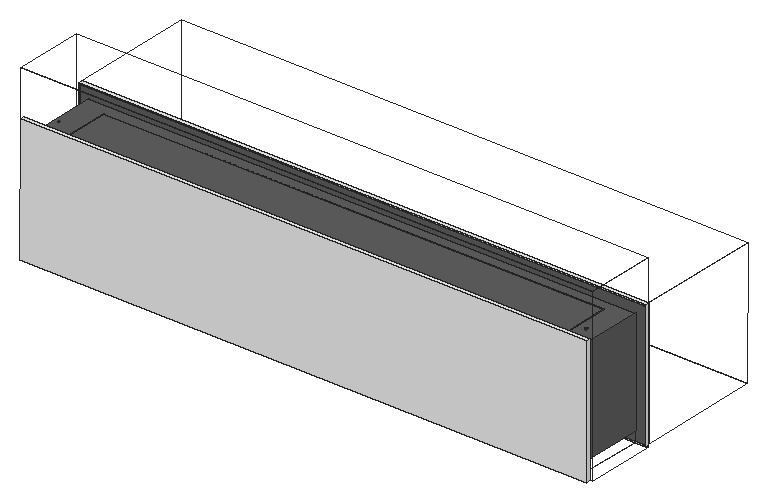
Revit family "AIRTECNICS_AIR CURTAIN_ZEN_DX-VRF_(MITSUBISHI ELECTRIC)123", category Mechanical Equipment, Revit 2016 (continued)
Types (4, lengths in mm): name | Weight | Triple Phase (External Ut.) | Single Phase (External Ut.) | REF | Product Size | Product Reference | Product Description | Power Fans | Noise Level (dB(A)) | Mainfolds | Length | Gas Coil Volume | External Ut. Reference | Dn_Metric_Refrig_Liquid | Dn_Metric_Refrig_Gas | Current Fans | COD | Apparent Load | Airflow | L
  ZEN ECG 1500 DX/VRF-ME | 57.00 kg | no | yes | 21 | "1500" | "ZEN ECG 1500 DX14-ME" | "Decorative energy saving heat pump air curtain in contemporary architectural style: Up to 70% reduction in costs and CO2 emissions (heating mode).\r\nIts minimalist and smart design integrates in any environment and offers infinite options to customize.\r\nThe panels can include logos, lighting, signage, safety or information signs, graphics, pictures, clocks, all according to customer specifications.\r\nFront anodized aluminium panels. Optionally manufactured in brushed or mirror polished stainless steel. Other materials are possible, such as galvanized steel, smooth or texturated skinplate, wood, etc.\r\nCentral structure made of galvanized steel finished in black forge as standard. Other colours are available on request. \r\nAnodized aluminium outlet vanes, airfoil shaped, adjustable in both directions.\r\nDouble-inlet centrifugal fans driven by an external rotor motor and low noise level. 5-speed selector. EC models assembled with very low consumption efficiency fans. \r\nIncludes only heating direct expansion coil with installed temperature sensors.\r\nPlug&Play control panel CS-5DX-NE slave DX with 5 speeds selector and 7m telephone cable included.\r\nReady to connect to MITSUBISHI ELECTRIC Standard and Power Inverter outdoor heat pump unit (R410A) with expansion valve, not included, the customer should purchase it.\r\nRequires PAC-IF012B-E MITSUBISHI ELECTRIC DX Interface KIT adapted for air curtain and PAR-33MAA programmable control, please consult.\r\nAir Volume: 2920 m3/h \r\nFans:  0,284 kW  2,48 A 230Vx1 50/60Hz\r\nHeating capacity: 14,00 kW\r\nDimensions: 291x473x1620 mm (depth, height, length)\r\nNOT SUPPLIED BY AIRTÈCNICS:\r\nPAC-IF012B-E Interface DX kit and PAR-33MAA programmable control.\r\nExternal unit:\r\nOption 1: PUHZ-ZRP125VKA\r\nExternal unit with direct expansion valve Mitsubishi Electric, single phase motor 230Vx1 50Hz.\r\nHeating capacity 14kW. Heating power: 3,63kW. COP 3,86.\r\nCooling capacity 12,5kW. Cooling power 4,05kW. EER 3,09.\r\nCooling circuits 5/8\" - 3/8\".\r\nMaximum length 75m.\r\nDesnivell màxim 30m.\r\nOption 2: PUHZ-ZRP125YKA\r\nExternal unit with direct expansion valve Mitsubishi Electric, triple phase motor 400Vx3 50Hz.\r\nHeating capacity 14kW. Heating power: 3,63kW. COP 3,86.\r\nCooling capacity 12,5kW. Cooling power 4,05kW. EER 3,09.\r\nCooling circuits 5/8\" - 3/8\".\r\nMaximum length 75m.\r\nDesnivell màxim 30m." | 0.284 kW | 62 | "5/8'' & 3/8''" | 1620.0 | 3.00 L | "PUHZ-ZRP125VKA" | 10 | 16 | 2.48 A | 21 | 568 VA | 2920 m³/h | 1500.0
  ZEN ECG 1000 DX/VRF-ME | 40.00 kg | no | yes | 11 | "1000" | "ZEN ECG 1000 DX10-ME" | "Decorative energy saving heat pump air curtain in contemporary architectural style: Up to 70% reduction in costs and CO2 emissions (heating mode).\r\nIts minimalist and smart design integrates in any environment and offers infinite options to customize.\r\nThe panels can include logos, lighting, signage, safety or information signs, graphics, pictures, clocks, all according to customer specifications.\r\nFront anodized aluminium panels. Optionally manufactured in brushed or mirror polished stainless steel. Other materials are possible, such as galvanized steel, smooth or texturated skinplate, wood, etc.\r\nCentral structure made of galvanized steel finished in black forge as standard. Other colours are available on request. \r\nAnodized aluminium outlet vanes, airfoil shaped, adjustable in both directions.\r\nDouble-inlet centrifugal fans driven by an external rotor motor and low noise level. 5-speed selector. EC models assembled with very low consumption efficiency fans. \r\nIncludes only heating direct expansion coil with installed temperature sensors.\r\nPlug&Play control panel CS-5DX-NE slave DX with 5 speeds selector and 7m telephone cable included.\r\nReady to connect to MITSUBISHI ELECTRIC Standard and Power Inverter outdoor heat pump unit (R410A) with expansion valve, not included, the customer should purchase it.\r\nRequires PAC-IF012B-E MITSUBISHI ELECTRIC DX Interface KIT adapted for air curtain and PAR-33MAA programmable control, please consult.\r\nAir Volume: 2190 m3/h \r\nFans:  0,213 kW  1,86 A 230Vx1 50/60Hz\r\nHeating capacity: 9,70 kW\r\nDimensions: 291x473x1220 mm (depth, height, length)\r\nNOT SUPPLIED BY AIRTÈCNICS:\r\nPAC-IF012B-E Interface DX kit and PAR-33MAA programmable control.\r\nExternal unit:\r\nOption 1: PUHZ-ZRP100VKA\r\nExternal unit with direct expansion valve Mitsubishi Electric, single phase motor 230Vx1 50Hz.\r\nHeating capacity 11,2kW. Heating power: 2,06kW. SCOP 4,2.\r\nCooling capacity 10kW. Cooling power 2,63kW. SEER 5,6.\r\nCooling circuits 5/8\" - 3/8\".\r\nMaximum length 75m.\r\nDesnivell màxim 30m.\r\nOption 2: PUHZ-ZRP100YKA\r\nExternal unit with direct expansion valve Mitsubishi Electric, triple phase motor 400Vx3 50Hz.\r\nHeating capacity 11,2kW. Heating power: 2,06kW. SCOP 4,2.\r\nCooling capacity 10kW. Cooling power 2,63kW. SEER 5,5.\r\nCooling circuits 5/8\" - 3/8\".\r\nMaximum length 75m.\r\nDesnivell màxim 30m." | 0.213 kW | 61 | "5/8'' & 3/8''" | 1220.0 | 1.80 L | "PUHZ-ZRP100VKA" | 10 | 16 | 1.86 A | 11 | 426 VA | 2190 m³/h | 1000.0
